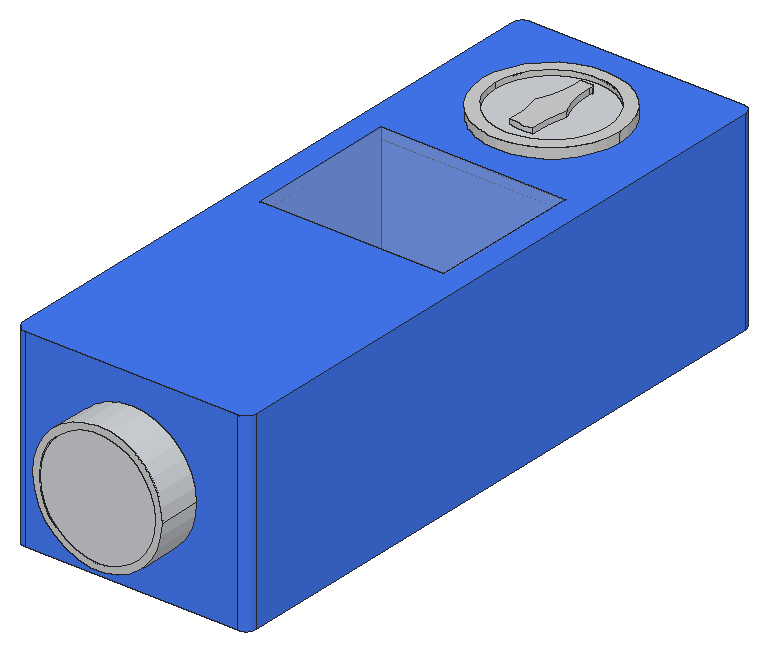
Revit family "Building-IEC309Connections-GEWISS-66IB-INTERLOCKED-SOCKET-OUTLETS-HD_IP66_WITHOUT_BOTTOM_24V", category Apparecchi elettrici, host Superficie, Revit 2019
Family settings
  Host = Superficie
  Mantenere orientamento annotazione = Sì
  Quota connettore circolare = Usa diametro
  Tipo di parte = Normale
  Taglio con vuoti quando caricato = Sì
  Condiviso = Sì
  Punto di calcolo locali = Sì
Parameters (values of type "GW66886 - I.SOCKET IP66 N.B.2P 160VA TRANS.CBF")
  volt = 0 V
  vetro = Default - Vetro
  presa = Grigio RAL - 7035
  n-poli = 1
  giallo = 0 mm
  dist_piano [instance] = 0 mm
  Working temperature = "-25 ÷ +40 °C"
  With back-mounting box = "No"
  Vista_2d_pianta [instance] = yes
  Version file RFA = "21.4"
  URL = "https://www.gewiss.com/ww/en"
  Typology = "Vertical"
  Type of use = "Heavy duty"
  Type of fuse = "Ø 10.3x38 mm"
  Thermo-pressure with ball = "80 °C"
  Technical sheet = "https://www.gewiss.com/ww/en/search?q=GW66886"
  Struttura = Grigio RAL - 7035
  Simbolo presa = PRESAINDSTAGNA : 3P
  Simbolo [instance] = no
  Simb_circuito [instance] = not(Simbolo)  # yes
  Shock resistance = "> IK10"
  SEO = "Socket outlet"
  Realized by GEWISS S.p.A. = ""
  Rated power = "160VA"
  Rated frequency (Hz) = "50Hz"
  Rated current (In) = "16"
  Rated current (A) = "16"
  Protection = "Safety transformer"
  Default Elevation = 1219.2 mm
  Produttore = "GEWISS S.p.A."
  Power = "160VA"
  Output voltage = "20-25 V"
  Operating temperature: = "-25 +40 °C"
  Number of poles = "2P"
  No. of poles = "2P"
  Modello = "GW66886"
  Impact resistance at -20 Â°C = "20J"
  Immagine tipo = R.jpg
  IP degree = "IP66"
  IDT = "31c4d5ce-9998-4c76-8b01-e5caf3d26d86"
  IDF = "19b72857-4494-4175-a9a1-2d87f02c7413"
  Glow wire test: = "850 °C"
  Glow Wire Test = "850 °C"
  Frequency = "50Hz"
  Electrocod = "2222"
  EAN code = "8011564184114"
  Distanza x [instance] = 500 mm
  Distanza orizzontale simbolo [instance] = 0 mm
  Distanza effettiva x [instance] = 1500 mm - Distanza x  # 1000 mm
  Descrizione = "I.SOCKET IP66 N.B.2P 160VA TRANS.CBF"
  Corpo presa = Light Blue
  Cornice simbolo [instance] = yes
  Colour: = "Violet"
  Colour = "Violet"
  Catalogue Range = "66 IB"
  Catalogue = "BUILDING"
  COBie.Tagnumber = ""
  COBie.CreatedOn = ""
  COBie.CreatebBy = ""
  COBie.ComponentRegisterItemID = ""
  COBie.Component.TagNumber = ""
  COBie.Component.Space = ""
  COBie.Component.SerialNumber = ""
  COBie.Component.InstallationDate = ""
  COBie.Component.Description = ""
  COBie.Component.BarCode = ""
Reference planes
  plane 1 "Centro (Fronte/Retro)": y = 0
  plane 2: z = 0
  plane 3 "Centro (Sinistra/Destra)": x = 0
  plane 4: z = -2
  plane 5: x = -500
  plane 6: x = -1500
  plane 7: x = -500
  plane 8: through (-170.762, -4572, -38.353) normal (-0.6157, 0, 0.788)
  plane 9: x = -51.152
  plane 10: x = 53.222
  plane 11: z = -2
  plane 12: x = -74
  plane 13: x = 74
  plane 14: y = 392
  plane 15: y = -2
Forms (mm)
  Extrusion 1, solid, detail levels coarse
    sketch origin (0, 0, 0) x (1, 0, 0) y (0, 1, 0)
      loop
        line (-74, 392) -> (-74, -2) -> (74, -2) -> (74, 392) -> (-74, 392)
    from 0 to 123
Lines and regions (mm)
  Masking region 1, visible <- "Vista_2d_pianta"
    outline origin (0, 0, 0) x (1, 0, 0) y (0, 0, 1)
  Masking region 2, visible <- "Vista_2d_pianta"
    outline origin (0, 0, 0) x (1, 0, 0) y (0, 0, 1)
      loop
        line (-74, 0) -> (74, 0) -> (74, 123) -> (-74, 123) -> (-74, 0)
Dimensions and locks
  locked: plane 2 to plane 4 at 2
  "Distanza effettiva x": plane 5 to plane 6
  plane 3 "Centro (Sinistra/Destra)" to plane 6 = 1500 mm
  "Distanza effettiva x": plane 6 to plane 7
  locked: plane 15 to plane 1 "Centro (Fronte/Retro)" at 2
  locked: plane 12 to nested 1 at 2
  locked: nested 1 to plane 13 at 2
  locked: plane 14 to nested 1 at 2
  "dist_piano": plane 11 to plane 4
  plane 6 to plane 3 "Centro (Sinistra/Destra)" = 1500 mm
  angle plane 8 to plane 4 = 142.00°
  angle plane 7 to plane 8 = 128.00°
  aligned and locked: plane 2 to host face
  aligned and locked: level to host face
  aligned and locked: plane 3 "Centro (Sinistra/Destra)" to nested 1
  aligned and locked: plane 7 to nested 3
  aligned and locked: Masking region 2 to plane 12
  aligned and locked: plane 13 to Masking region 2
  aligned and locked: Masking region 2 to level
  aligned and locked: nested 1 to plane 11
  aligned and locked: Masking region 2 to nested 1
  aligned and locked: Extrusion 1 sketch curve to plane 12
  aligned and locked: Extrusion 1 sketch curve to plane 14
  aligned and locked: Extrusion 1 sketch curve to plane 13
  aligned and locked: Extrusion 1 sketch curve to plane 15
  aligned and locked: Extrusion 1 to nested 1
  aligned and locked: Extrusion 1 to level
  aligned and locked: plane 5 to nested 2
Automatic sketch dimensions
  host sketch curve to host sketch curve = 2438.4 mm  (x2)
  Masking region 2 sketch curve to plane 10 = 20.778 mm
  plane 9 to Masking region 2 sketch curve = 22.848 mm
  level to Masking region 2 sketch curve = 0 mm
  Masking region 2 sketch curve to Masking region 2 sketch curve = 123 mm
Nested families
  nested 1: "GW66824_no fondo_master" at (0, 0, -77), type "GW66824_no fondo_master", detail levels medium+fine
  nested 2: "simbolo_gravosi 24" at (-500, 30.442, 0), Distanza dal muro <- "Distanza orizzontale simbolo", SIMBOLO ACCESO <- "Simb_circuito", type "3P"
    with SIMBOLO ACCESO yes, Distanza dal muro 0 mm, BORDO ACCESO yes
  nested 3: "PRESAINDSTAGNA" at (-500, 23.722, 0), Distanza dal muro <- "Distanza orizzontale simbolo", SIMBOLO ACCESO <- "Simbolo", type "3P"
    with SIMBOLO ACCESO no, Distanza dal muro 0 mm, BORDO ACCESO yes
Connectors
  electrical at (0, 195.052, -2), driven by "n-poli", driven by "volt"
    settings: on nested 1, index 1, voltage 0 V, apparent load 0 VA, apparent load phase1 0 VA, apparent load phase2 0 VA, apparent load phase3 0 VA, power factor 1, load classification "Altro", number of poles 1, system type 31, power factor state 1, is connector primary yes, connector utility no, sub classification motor no, connector description ""
Definition of nested family "GW66824_no fondo_master"
  Parameters (values of type "GW66824_no fondo_master")
    w = 144 mm
    sp_interbloccata = 119 mm
    d_piano = 75 mm
    corpo presa = none
    Vetro = none
    Struttura = none
    Spessore = 30 mm
    Raggio = 40 mm
    Default Elevation = 14 mm
    Presa = none
    Lunghezza = 103 mm
    IFC.TypeObject = ""
    IFC.ExportType = ""
    IFC.ExportAs = ""
    H_da terra = 586.883 mm
    COBie.CreatedOn = ""
    COBie.CreatebBy = ""
    COBie.ComponentRegisterItemID = ""
    COBie.Component.TagNumber = ""
    COBie.Component.Space = ""
    COBie.Component.SerialNumber = ""
    COBie.Component.InstallationDate = ""
    COBie.Component.Description = ""
    COBie.Component.BarCode = ""
    Altezza = 390 mm
  Reference planes
    plane 1 "Centro (Fronte/Retro)": y = 0
    plane 2: z = 0
    plane 3 "Centro (Sinistra/Destra)": x = 0
    plane 4 "presa": z = 210
    plane 5: z = 200
    plane 6: z = 194
    plane 7: x = -72
    plane 8: x = 72
    plane 9: y = 390
    plane 10: y = 0
    plane 11: y = 324
    plane 12: z = 197
    plane 13: y = 217
    plane 14: x = -57
    plane 15: x = 57
    plane 16: y = 264
    plane 17: y = 170
    plane 18: z = 84.858
    plane 19: z = 187.562
    plane 20: z = 75
    plane 21: z = 136.21
    plane 22 "presa fronte": y = -26
  Forms (mm)
    Extrusion 1, solid, material <- "Struttura"
      sketch origin (0, -427.104, -30) x (1, 0, 0) y (0, 1, 0)
        loop
          circle (0, 751.104) r 34.75
        loop
          circle (0, 751.104) r 42.079
      from 224 to 230
    Extrusion 2, solid, material <- "Struttura"
      sketch origin (0, -427.104, -30) x (1, 0, 0) y (0, 1, 0)
        loop
          arc (-9.552, 750.899) -> (-7.429, 739.645) -> (-7.314, 728.193) r 64.983
          arc (-7.314, 728.193) -> (-0.131, 727.067) -> (7.064, 728.115) r 24.316
          arc (7.064, 728.115) -> (7.302, 739.566) -> (9.547, 750.796) r 64.983
          arc (9.547, 750.796) -> (5.519, 762.425) -> (4.215, 774.661) r 54.251
          line (4.215, 774.661) -> (4.25, 777.658)
          arc (4.25, 777.658) -> (3.985, 778.329) -> (3.336, 778.647) r 1
          arc (3.336, 778.647) -> (0.147, 778.794) -> (-3.043, 778.682) r 39.364
          arc (-3.043, 778.682) -> (-3.695, 778.371) -> (-3.967, 777.702) r 1
          line (-3.967, 777.702) -> (-3.964, 774.706)
          arc (-3.964, 774.706) -> (-5.4, 762.483) -> (-9.552, 750.899) r 54.251
      from 224 to 230
    Extrusion 3, solid, material <- "corpo presa"
      sketch origin (-2.5, -699.604, -30) x (1, 0, 0) y (0, 1, 0)
        loop
          arc (74.5, 1083.298) -> (72.653, 1087.757) -> (68.194, 1089.604) r 6.306
          line (68.194, 1089.604) -> (-63.194, 1089.604)
          arc (-63.194, 1089.604) -> (-67.653, 1087.757) -> (-69.5, 1083.298) r 6.306
          line (-69.5, 1083.298) -> (-69.5, 706.118)
          arc (-69.5, 706.118) -> (-67.592, 701.512) -> (-62.985, 699.604) r 6.515
          line (-62.985, 699.604) -> (67.985, 699.604)
          arc (67.985, 699.604) -> (72.592, 701.512) -> (74.5, 706.118) r 6.515
          line (74.5, 706.118) -> (74.5, 1083.298)
      from 105 to 224
    Extrusion 4, solid
      sketch origin (0, 0, 210) x (0, -1, 0) y (1, 0, 0)
        loop
          circle (-324, 0) r 34.75
      from -16 to -13
    Extrusion 5, void
      sketch origin (0, 0, 210) x (0, -1, 0) y (1, 0, 0)
        loop
          line (-170, -57) -> (-170, 57) -> (-264, 57) -> (-264, -57) -> (-170, -57)
      from -125.142 to -16
    Extrusion 6, solid, material <- "Vetro"
      sketch origin (0, 0, 210) x (0, -1, 0) y (1, 0, 0)
        loop
          line (-170, -57) -> (-170, 57) -> (-264, 57) -> (-264, -57) -> (-170, -57)
      from -22.438 to -16
    Extrusion 7, solid, material <- "Presa"
      sketch origin (0, 0, 0) x (1, 0, 0) y (0, 0, 1)
        loop
          circle (0, 136.21) r 40
        loop
          circle (0, 136.21) r 36
      from 0 to 26
    Extrusion 8, solid
      sketch origin (0, 0, 0) x (1, 0, 0) y (0, 0, 1)
        loop
          circle (0, 136.21) r 40
      from 0 to 26
  Cuts and joins
    Extrusion 5 cuts Extrusion 3
  Lines and regions (mm)
    symbolic lines
      curve 1: line (0, -26, 178.929) -> (0, -26, 99.929)
      curve 2: line (50, -26, 136.21) -> (-50, -26, 136.21)
  Dimensions and locks
    locked: plane 5 to plane 4 "presa" at 10
    locked: plane 6 to plane 5 at 6
    equal spacing: plane 7, plane 3 "Centro (Sinistra/Destra)", plane 8
    "w": plane 7 to plane 8
    "Altezza": plane 1 "Centro (Fronte/Retro)" to plane 9
    locked: plane 9 to plane 11 at 66
    locked: plane 12 to plane 6 at 3
    locked: plane 9 to plane 13 at 173
    equal spacing: plane 14, plane 3 "Centro (Sinistra/Destra)", plane 15
    plane 14 to plane 15 = 114 mm
    equal spacing: plane 16, plane 13, plane 17
    locked: plane 16 to plane 17 at 94
    locked: plane 6 to plane 19 at 6.438
    "sp_interbloccata": plane 6 to plane 20
    "d_piano": plane 20 to level
    locked: plane 18 to plane 20 at 9.858
    locked: plane 22 "presa fronte" to plane 10 at 26
    equal spacing: plane 18, plane 21, plane 19
    diameter of Extrusion 1 sketch curve = 69.5 mm
    radius of Extrusion 4 sketch curve = 34.75 mm
    aligned and locked: level to plane 2
    aligned and locked: Extrusion 1 to Extrusion 3
    aligned and locked: Extrusion 2 to Extrusion 1
    aligned and locked: Extrusion 1 to Extrusion 2
    aligned and locked: Extrusion 3 to plane 6
    aligned and locked: Extrusion 1 to plane 5
    aligned and locked: Extrusion 3 sketch curve to plane 7
    aligned and locked: Extrusion 3 sketch curve to plane 8
    aligned and locked: Extrusion 3 sketch curve to plane 9
    aligned and locked: plane 10 to Extrusion 3 sketch curve
    aligned and locked: plane 10 to plane 1 "Centro (Fronte/Retro)"
    aligned and locked: plane 11 to Extrusion 1 sketch curve
    aligned and locked: plane 3 "Centro (Sinistra/Destra)" to Extrusion 1 sketch curve
    aligned and locked: plane 3 "Centro (Sinistra/Destra)" to Extrusion 4 sketch curve
    aligned and locked: plane 11 to Extrusion 4 sketch curve
    aligned and locked: plane 6 to Extrusion 4
    aligned and locked: plane 12 to Extrusion 4
    aligned and locked: Extrusion 5 sketch curve to plane 14
    aligned and locked: Extrusion 5 sketch curve to plane 17
    aligned and locked: Extrusion 5 sketch curve to plane 15
    aligned and locked: Extrusion 5 sketch curve to plane 16
    aligned and locked: Extrusion 5 to plane 18
    aligned and locked: Extrusion 5 to plane 6
    aligned and locked: Extrusion 6 sketch curve to plane 14
    aligned and locked: Extrusion 6 sketch curve to plane 17
    aligned and locked: Extrusion 6 sketch curve to plane 16
    aligned and locked: Extrusion 6 sketch curve to plane 15
    aligned and locked: Extrusion 6 to plane 19
    aligned and locked: Extrusion 6 to plane 6
    aligned and locked: plane 20 to cut or joined group of Extrusion 3, Extrusion 5
    aligned and locked: plane 3 "Centro (Sinistra/Destra)" to Extrusion 7 sketch curve
    aligned and locked: plane 21 to Extrusion 7 sketch curve
    aligned and locked: Extrusion 7 to plane 22 "presa fronte"
    aligned and locked: plane 3 "Centro (Sinistra/Destra)" to Extrusion 8 sketch curve
    aligned and locked: plane 21 to Extrusion 8 sketch curve
    aligned and locked: Extrusion 8 to plane 1 "Centro (Fronte/Retro)"
    aligned and locked: Extrusion 8 to plane 22 "presa fronte"
    aligned and locked: plane 3 "Centro (Sinistra/Destra)" to curve 1
    aligned and locked: curve 2 to plane 21
  Automatic sketch dimensions
    Extrusion 2 sketch curve to plane 3 "Centro (Sinistra/Destra)" = 0 mm
    Extrusion 2 sketch curve to plane 3 "Centro (Sinistra/Destra)" = 0.064 mm
    Extrusion 2 sketch curve to plane 3 "Centro (Sinistra/Destra)" = 2.967 mm
    Extrusion 2 sketch curve to Extrusion 2 sketch curve = 0.997 mm
    Extrusion 2 sketch curve to Extrusion 2 sketch curve = 1 mm  (x2)
    Extrusion 2 sketch curve to Extrusion 2 sketch curve = 54.251 mm
    Extrusion 2 sketch curve to Extrusion 2 sketch curve = 13.883 mm
    plane 3 "Centro (Sinistra/Destra)" to Extrusion 2 sketch curve = 3.25 mm
    Extrusion 2 sketch curve to Extrusion 2 sketch curve = 0.965 mm
    Extrusion 2 sketch curve to Extrusion 2 sketch curve = 54.25 mm
    Extrusion 2 sketch curve to Extrusion 2 sketch curve = 13.435 mm
    Extrusion 2 sketch curve to plane 1 "Centro (Fronte/Retro)" = 305.393 mm
    Extrusion 2 sketch curve to plane 1 "Centro (Fronte/Retro)" = 306.167 mm
    Extrusion 2 sketch curve to plane 1 "Centro (Fronte/Retro)" = 312.327 mm
    Extrusion 2 sketch curve to Extrusion 2 sketch curve = 11.953 mm
    Extrusion 2 sketch curve to Extrusion 2 sketch curve = 41.757 mm
    Extrusion 2 sketch curve to Extrusion 2 sketch curve = 23.278 mm
    Extrusion 2 sketch curve to Extrusion 2 sketch curve = 0.044 mm
    Extrusion 2 sketch curve to Extrusion 2 sketch curve = 41.61 mm
    Extrusion 2 sketch curve to Extrusion 2 sketch curve = 2.99 mm
    Extrusion 2 sketch curve to Extrusion 2 sketch curve = 0.007 mm
    Extrusion 2 sketch curve to Extrusion 2 sketch curve = 2.979 mm
    Extrusion 2 sketch curve to Extrusion 2 sketch curve = 0.018 mm
    Extrusion 2 sketch curve to Extrusion 2 sketch curve = 0 mm
    Extrusion 2 sketch curve to plane 3 "Centro (Sinistra/Destra)" = 7.314 mm
    Extrusion 2 sketch curve to Extrusion 2 sketch curve = 9.552 mm
    plane 3 "Centro (Sinistra/Destra)" to Extrusion 2 sketch curve = 7.064 mm
    Extrusion 3 sketch curve to Extrusion 3 sketch curve = 6.306 mm  (x2)
    Extrusion 3 sketch curve to Extrusion 3 sketch curve = 6.515 mm  (x2)
    Extrusion 1 sketch curve to Extrusion 1 sketch curve = 0 mm  (x2)
    Extrusion 7 sketch curve to Extrusion 7 sketch curve = 0 mm  (x2)
    plane 18 to curve 1 = 15.071 mm
    curve 1 to plane 19 = 8.633 mm
    curve 2 to plane 14 = 7 mm
    plane 15 to curve 2 = 7 mm
    radius of Extrusion 1 sketch curve = 42.079 mm
    radius of Extrusion 7 sketch curve = 40 mm
    radius of Extrusion 7 sketch curve = 36 mm
    radius of Extrusion 8 sketch curve = 40 mm
Definition of nested family "simbolo_gravosi 24"
  Parameters (values of type "3P")
    SIMBOLO ACCESO [instance] = yes
    SIMBOLO = PRESAINDSTAGNA_BASE : 3P
    Distanza dal muro [instance] = 1.092 mm
    BORDO ACCESO [instance] = yes
  Reference planes
    plane 1: y = 0
    plane 2: x = 0
  Dimensions and locks
    "Distanza dal muro": plane 1 to import instance
    aligned and locked: import instance to plane 2
Definition of nested family "PRESAINDSTAGNA"
  Parameters (values of type "3P")
    SIMBOLO ACCESO [instance] = yes
    SIMBOLO = PRESAINDSTAGNA_BASE : 3P
    Distanza dal muro [instance] = 0 mm
    BORDO ACCESO [instance] = yes
  Types (2): name
    2P
    3P
  Reference planes
    plane 1: y = 0
    plane 2: x = 0
  Dimensions and locks
    "Distanza dal muro": plane 1 to nested 1
    aligned and locked: plane 2 to nested 1
  Nested families
    nested 1: "PRESAINDSTAGNA_BASE" at (0, 0, 0), type <- "SIMBOLO", CORNICE SIMBOLO <- "BORDO ACCESO", visible <- "SIMBOLO ACCESO", type "3P"
  Definition of nested family "PRESAINDSTAGNA_BASE"
    Parameters (values of type "3P")
      CORNICE SIMBOLO [instance] = yes
      3P = yes
    Types (2, lengths in mm): name | 3P
      3P | yes
      2P | no
    Reference planes
      plane 1: y = 0
      plane 2: x = 0
    Lines and regions (mm)
      detail lines, not visible
        curve 1: line (-2.443, 10.208, 0) -> (2.057, 10.208, 0)
        curve 2: line (2.057, 10.208, 0) -> (2.057, 4.208, 0)
        curve 3: line (2.057, 4.208, 0) -> (-2.443, 4.208, 0)
        curve 4: line (-2.443, 4.208, 0) -> (-2.443, 10.208, 0)
        curve 5: line (-2.043, 9.808, 0) -> (1.657, 9.808, 0)
        curve 6: line (1.657, 9.808, 0) -> (1.657, 4.608, 0)
        curve 7: line (1.657, 4.608, 0) -> (-2.043, 4.608, 0)
        curve 8: line (-2.043, 4.608, 0) -> (-2.043, 9.808, 0)
      detail lines
        curve 9: line (-0.333, 0.928, 0) -> (-0.05, 0.928, 0)
        curve 10: line (-0.05, 0.928, 0) -> (0.417, 1.737, 0)
        curve 11: line (0.417, 1.737, 0) -> (0.764, 1.537, 0)
        curve 12: line (-0.05, 0.928, 0) -> (-0.333, 0.437, 0)
        curve 13: line (-0.333, 0.437, 0) -> (-0.333, 2.059, 0)
        curve 14: line (0.222, 1.399, 0) -> (0.569, 1.199, 0)
        curve 15: line (-0.723, 0.437, 0) -> (0.057, 0.437, 0)
        curve 16: line (-0.333, 0.81, 0) -> (-0.216, 0.928, 0)
        curve 17: line (-0.333, 0.741, 0) -> (-0.147, 0.928, 0)
        curve 18: line (-0.333, 0.672, 0) -> (-0.078, 0.928, 0)
        curve 19: line (-0.333, 0.603, 0) -> (-0.106, 0.831, 0)
        curve 20: line (-0.333, 0.534, 0) -> (-0.2, 0.668, 0)
        curve 22: arc (-0.723, 0.047, 0) -> (-0.333, 0.437, 0) -> (0.057, 0.047, 0) r 0.39
        curve 23: line (-0.8, 2.1, 0) -> (0.8, 2.1, 0)
        curve 24: line (-0.8, 0, 0) -> (-0.8, 2.1, 0)
        curve 25: line (0.8, 0, 0) -> (-0.8, 0, 0)
        curve 26: line (0.8, 2.1, 0) -> (0.8, 0, 0)
      detail lines, visible <- "3P"
        curve 21: line (0.028, 1.061, 0) -> (0.374, 0.861, 0)
